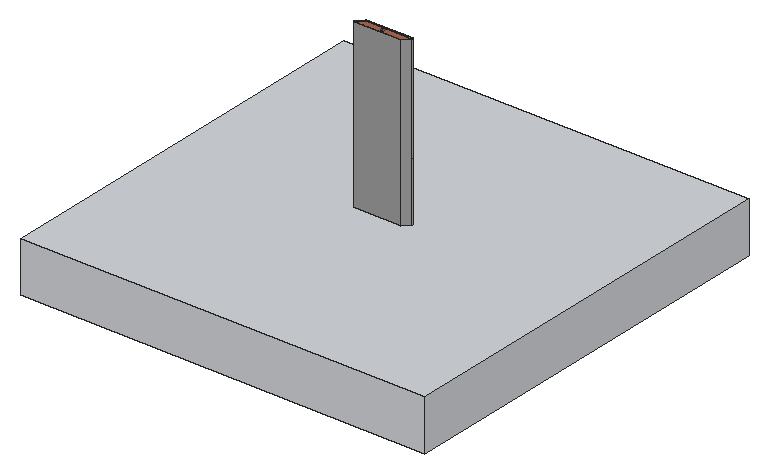
Revit family "SLG - pannello  da 3_cotto smaltato", category Curtain Panels, Revit 2014
Parameters (values of type "nuova doga cotto")
  materiale interno [instance] = SLG - Cotto
  cotto lab 2mb [instance] = Default
  cotto interno [instance] = Default
  altezza cotto [instance] = 1.00 m
  Default Elevation = 1.2192 m
Reference planes (m)
  plane 1 "Center (Front/Back)": y = 0
  plane 2: z = 0
  plane 3 "Center (Left/Right)": x = -0.025
  plane 4: y = 0.05
  plane 5: x = -0.15
  plane 6: x = 0.15
  plane 7: x = -0.2
  plane 8: x = 0.1
  plane 9: z = 1
  plane 10: y = 0.025
  plane 11: x = 0.045
  plane 12: x = -0.095
  plane 13: y = 0.045
  plane 14: y = 0.005
  plane 15: y = 0.045
  plane 16: through (-0.077974, 0.121742, 1.2192) normal (0.7071, -0.7071, 0)
  plane 17: through (-0.068355, 0.124291, 1.2192) normal (0.7071, -0.7071, 0)
  plane 18: through (0.214671, 0.121742, 1.2192) normal (0.7071, -0.7071, 0)
  plane 19: through (0.224291, 0.124291, 1.2192) normal (0.7071, -0.7071, 0)
  plane 20: y = 0.005
  plane 21: through (-0.297026, 0.121742, 1.2192) normal (0.7071, 0.7071, 0)
  plane 22: through (-0.306645, 0.124291, 1.2192) normal (0.7071, 0.7071, 0)
  plane 23: through (0.060002, 0.121742, 1.2192) normal (0.7071, 0.7071, 0)
  plane 24: through (0.050383, 0.124291, 1.2192) normal (0.7071, 0.7071, 0)
Forms (m)
  Extrusion 1, solid
    sketch origin (0, 0, 0) x (1, 0, 0) y (0, 1, 0)
      loop
        line (-1.2192, 1.2192) -> (-1.2192, -1.2192) -> (1.2192, -1.2192) -> (1.2192, 1.2192) -> (-1.2192, 1.2192)
    from 0 to -0.3048
  Extrusion 2, void
    sketch origin (0, 0, 0) x (1, 0, 0) y (0, 1, 0)
      loop
        circle (-0.025, 0.025) r 0.013
    from 0 to 1
  Extrusion 3, void
    sketch origin (0, 0, 0) x (1, 0, 0) y (0, 1, 0)
      loop
        circle (0.045, 0.025) r 0.007
    from 0 to 1
  Extrusion 4, void
    sketch origin (0, 0, 0) x (1, 0, 0) y (0, 1, 0)
      loop
        circle (-0.095, 0.025) r 0.007
    from 0 to 1
  Extrusion 5, solid, material "SLG - Cotto" <- "materiale interno"
    sketch origin (-0.05, 0, 0) x (-1, 0, 0) y (0, -1, 0)
      loop
        line (-0.183801, -0.040872) -> (-0.179673, -0.045) -> (0.097645, -0.045) -> (0.133964, -0.008681) -> (0.130284, -0.005) -> (-0.147929, -0.005) -> (-0.183801, -0.040872)
    from 0 to 1
  Extrusion 6, void
    sketch origin (-0.05, 0, 0) x (-1, 0, 0) y (0, -1, 0)
      loop
        circle (-0.025, -0.025) r 0.013
    from 0 to 1
  Extrusion 7, void
    sketch origin (-0.05, 0, 0) x (-1, 0, 0) y (0, -1, 0)
      loop
        circle (0.045, -0.025) r 0.007
    from 0 to 1
  Extrusion 8, void
    sketch origin (-0.05, 0, 0) x (-1, 0, 0) y (0, -1, 0)
      loop
        circle (-0.095, -0.025) r 0.007
    from 0 to 1
  Extrusion 9, solid, material "Default" <- "cotto interno"
    sketch origin (-0.05, 0, 0) x (-1, 0, 0) y (0, -1, 0)
      loop
        line (-0.187337, -0.037337) -> (-0.190872, -0.040872) -> (-0.181744, -0.05) -> (0.1, -0.05) -> (0.141319, -0.008681) -> (0.133964, -0.008681) -> (0.097645, -0.045) -> (-0.179673, -0.045) -> (-0.187337, -0.037337)
    from 0 to 1
  Extrusion 10, solid, material "Default" <- "cotto lab 2mb"
    sketch origin (-0.05, 0, 0) x (-1, 0, 0) y (0, -1, 0)
      loop
        line (-0.187337, -0.037337) -> (-0.183801, -0.040872) -> (-0.147929, -0.005) -> (0.130284, -0.005) -> (0.133964, -0.008681) -> (0.141319, -0.008681) -> (0.132638, 0) -> (-0.15, 0) -> (-0.187337, -0.037337)
    from 0 to 1
Cuts and joins
  Extrusion 6 cuts Extrusion 5
Dimensions and locks (m)
  "altezza cotto": plane 9 to level
  aligned and locked: plane 2 to Extrusion 1
  aligned and locked: level to Extrusion 1
  aligned and locked: plane 9 to Extrusion 10
  aligned and locked: plane 9 to Extrusion 9
  aligned and locked: plane 9 to cut or joined group of Extrusion 5, Extrusion 6  (x2)
  aligned and locked: plane 9 to Extrusion 7
  aligned and locked: plane 9 to Extrusion 2
  aligned and locked: plane 9 to Extrusion 8
Automatic sketch dimensions
  Extrusion 1 sketch curve to Extrusion 1 sketch curve = 2.4384 m  (x2)
  Extrusion 2 sketch curve to plane 3 "Center (Left/Right)" = 0.00 m
  plane 10 to Extrusion 2 sketch curve = 0.00 m
  plane 10 to Extrusion 3 sketch curve = 0.00 m
  Extrusion 3 sketch curve to plane 11 = 0.00 m
  plane 10 to Extrusion 4 sketch curve = 0.00 m
  Extrusion 4 sketch curve to plane 12 = 0.00 m
  Extrusion 5 sketch curve to plane 18 = 0.00 m
  Extrusion 5 sketch curve to plane 24 = 0.00 m  (x2)
  Extrusion 5 sketch curve to plane 13 = 0.00 m
  Extrusion 5 sketch curve to plane 14 = 0.00 m
  Extrusion 5 sketch curve to plane 17 = 0.00 m  (x2)
  Extrusion 5 sketch curve to plane 21 = 0.00 m
  Extrusion 6 sketch curve to plane 3 "Center (Left/Right)" = 0.00 m
  plane 10 to Extrusion 6 sketch curve = 0.00 m
  plane 10 to Extrusion 7 sketch curve = 0.00 m
  Extrusion 7 sketch curve to plane 12 = 0.00 m
  plane 10 to Extrusion 8 sketch curve = 0.00 m
  Extrusion 8 sketch curve to plane 11 = 0.00 m
  Extrusion 9 sketch curve to plane 19 = 0.00 m  (x2)
  Extrusion 9 sketch curve to plane 23 = 0.00 m
  Extrusion 9 sketch curve to plane 24 = 0.00 m
  Extrusion 9 sketch curve to plane 4 = 0.00 m
  Extrusion 9 sketch curve to plane 13 = 0.00 m
  Extrusion 9 sketch curve to plane 17 = 0.00 m  (x2)
  Extrusion 9 sketch curve to plane 5 = 0.00 m
  Extrusion 9 sketch curve to plane 21 = 0.00 m
  Extrusion 9 sketch curve to Extrusion 9 sketch curve = 0.007355 m
  Extrusion 10 sketch curve to plane 19 = 0.00 m
  Extrusion 10 sketch curve to plane 24 = 0.00 m  (x2)
  Extrusion 10 sketch curve to plane 18 = 0.00 m
  plane 1 "Center (Front/Back)" to Extrusion 10 sketch curve = 0.00 m
  Extrusion 10 sketch curve to plane 14 = 0.00 m
  Extrusion 10 sketch curve to plane 21 = 0.00 m  (x2)
  Extrusion 10 sketch curve to plane 17 = 0.00 m
  Extrusion 10 sketch curve to Extrusion 10 sketch curve = 0.002355 m
  Extrusion 10 sketch curve to Extrusion 10 sketch curve = 0.007355 m
  radius of Extrusion 2 sketch curve = 0.013 m
  radius of Extrusion 3 sketch curve = 0.007 m
  radius of Extrusion 4 sketch curve = 0.007 m
  radius of Extrusion 6 sketch curve = 0.013 m
  radius of Extrusion 7 sketch curve = 0.007 m
  radius of Extrusion 8 sketch curve = 0.007 m
Types in the file's own list only (21): name | cotto lab 2mb | cotto interno
  01 - Cotto | SLG - Cotto | SLG - Cotto smaltato viola
  02 - Arancio | SLG - Cotto smaltato arancio 303 | SLG - Cotto smaltato arancio 303
  03 - Azzurro | SLG - Cotto smaltato azzurro | SLG - Cotto smaltato azzurro
  04 - Giallo | SLG - Cotto smaltato giallo 201 | SLG - Cotto smaltato giallo 201
  05 - Lilla | SLG - Cotto smaltato lilla 809 | SLG - Cotto smaltato lilla 809
  06 - Rosso | SLG - Cotto smaltato rosso 403 | SLG - Cotto smaltato rosso 403
  07 - Verde ghiaccio | SLG - Cotto smaltato verde ghiaccio | SLG - Cotto smaltato verde ghiaccio
  08 - Verde acido | SLG - Cotto smaltato verde acido | SLG - Cotto smaltato verde acido
  09 - Verde petrolio | SLG - Cotto smaltato verde petrolio | SLG - Cotto smaltato verde petrolio
  10 - Viola | SLG - Cotto smaltato viola | SLG - Cotto smaltato viola
  11 - Verde smeraldo | SLG - Cotto smaltato verde smeraldo | SLG - Cotto smaltato verde smeraldo
  12 - cotto+arancio | SLG - Cotto | SLG - Cotto smaltato arancio 303
  13 - cotto+azzurro | SLG - Cotto | SLG - Cotto smaltato azzurro
  14 - cotto+giallo | SLG - Cotto | SLG - Cotto smaltato giallo 201
  15 - cotto+lilla | SLG - Cotto | SLG - Cotto smaltato lilla 809
  16 - cotto+rosso | SLG - Cotto | SLG - Cotto smaltato rosso 403
  17 - cotto+verde acido | SLG - Cotto | SLG - Cotto smaltato verde acido
  18 - cotto+verde ghiaccio | SLG - Cotto | SLG - Cotto smaltato verde ghiaccio
  19 - cotto+verde petrolio | SLG - Cotto | SLG - Cotto smaltato verde petrolio
  20 - cotto+verde smeraldo | SLG - Cotto | SLG - Cotto smaltato verde smeraldo
  21 - cotto+viola | SLG - Cotto | SLG - Cotto smaltato viola
